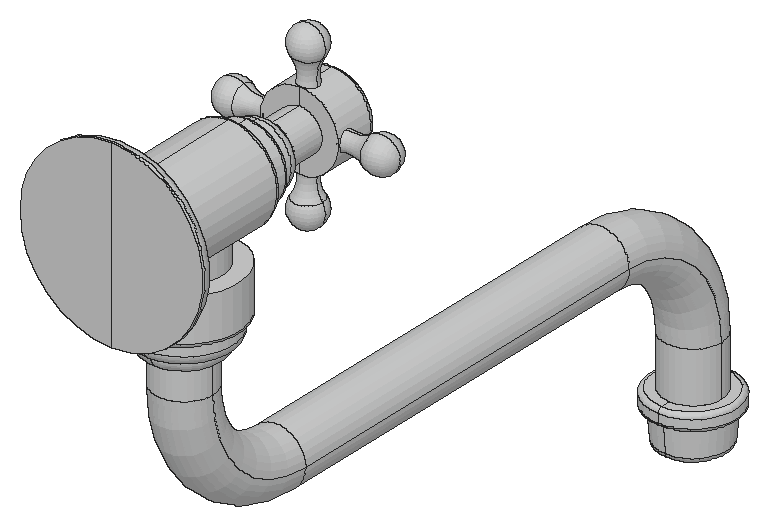
Revit family "795280001_Griferia Marruecos a Pared Pico S", category Plumbing Fixtures, host Wall, Revit 2020
Family settings
  Host = Wall
  Round Connector Dimension = Use Diameter
  Part Type = Normal
  OmniClass Number = 23.31.11.00
  OmniClass Title = Faucets
  Always vertical = Yes
  Cut with Voids When Loaded = No
  Shared = No
  Room Calculation Point = No
Parameters (values of type "Type 1")
  Vida útil = " 50.000 ciclos."  # constant formula
  Uso = "Doméstico"  # constant formula
  Temperaturas mínima de trabajo = "5 ºC / 41 ºF."  # constant formula
  Temperaturas máxima de trabajo = "71 ºC / 159,8 ºF."  # constant formula
  Referencia = "795280001"  # constant formula
  Recubrimientos = "Resistente a la corrosión, pelado y decoloración por agua. Recubrimientos no tóxicos"  # constant formula
  Profundidad = 250 mm
  Presión mínima recomendada = "20 psi."  # constant formula
  Presión máxima recomendada = "125 psi."  # constant formula
  Peso Neto aprox = "480gr. / 1,06Lb."  # constant formula
  Peso Bruto aprox = "540gr. / 1,19Lb."  # constant formula
  Model = "Griferia Lavaplatos de Pared en S Marruecos"  # constant formula
  Material = Corona_Plastico_Cromado
  Manufacturer = "Corona - Grival"  # constant formula
  Garantía = "30 Años"  # constant formula
  Fecha de creación = "5/11/2021"  # constant formula
  Description = "El lavaplatos de paraed en S Marruecos ha sido diseñada para trabajar en perfecta\r\narmonía con el espacio; inspirada en las necesidades del consumidor latinoamericano\r\ndando como resultado un producto robusto y funcional. Su pico giratorio le permite al\r\nusuario tomar ventaja del área del lavaplatos. Ideal para instalaciones donde no se\r\nnecesita mezclar agua fría y caliente y donde la grifería vaya empotrada a la pared.\r\nIncorpora un sistema aireador que genera un chorro de agua espumoso,\r\nagradable al tacto. Grifería de lavaplatos con ahorro de agua. Acabado superior, mayor espesor en el cromado que lo hace más brillante y resistente a la corrosión. Pico oscilante que permite mayor alcance y mas comodidad dando confort en el uso. Fácil limpieza: Diseño que evita la acumulación de impurezas."  # constant formula
  Default Elevation = 0 mm
  Cuidado Y Limpieza = "Los acabados superﬁciales son aquellos que le imprimen una apariencia\r\nespecial y estética a su producto y además le brindan protección. Para\r\nprolongar sus cualidades es vital que la limpieza profunda del producto se\r\nhaga únicamente con agua y jabón suave y que en el secado y el brillo se\r\nutilice un paño de algodón limpio; dicha limpieza se recomienda 2 veces a\r\nla semana y en zonas costeras a diario por la salinidad del ambiente. Por\r\nningún motivo deben usarse elementos abrasivos, ácidos o disolventes\r\npara la limpieza del producto. Los acabados pueden variar su\r\ncomportamiento en zonas costeras y/o en ambientes corrosivos"  # constant formula
  Creado por = "BIMBAU"  # constant formula
  Ciclo de vida de la unidad de cierre = "250.000 ciclos."  # constant formula
  Capacidad de flujo máximo por norma = "9,5 L/min."  # constant formula
  Ancho = 63 mm
  Alto = 202 mm
Reference planes
  plane 1: y = 0
  plane 2 "Center (Left/Right)": x = 125
  plane 3 "Back": y = 50
  plane 4: x = 156.5
  plane 5: x = 93.5
  plane 6: y = 300
  plane 7: z = 202
Forms (mm)
  Extrusion 1, solid, material "Corona_Plastico_Cromado" <- "Material", detail levels coarse
    sketch origin (0, 0, 0) x (1, 0, 0) y (0, 1, 0)
      loop
        line (93.469, 300) -> (93.469, 50) -> (156.5, 50) -> (156.5, 300) -> (93.469, 300)
    from 0 to 202
Text (mm)
  text "Placement side" at (-1787.139, 592.35, 0), in view "Ref. Level"
  text "Placement side" at (0, 1827.695, 2917.686), in view "Left"
  text "Placement side" at (0, 562.268, 3853.606), in view "Right"
Dimensions and locks
  locked: plane 3 "Back" to host wall
  "Alto": level to plane 7
  equal spacing: plane 5, plane 2 "Center (Left/Right)", plane 4
  "Ancho": plane 5 to plane 4
  "Profundidad": plane 6 to plane 3 "Back"
  aligned and locked: plane 1 to host wall
  aligned and locked: plane 3 "Back" to nested 1
  aligned and locked: nested 1 to plane 2 "Center (Left/Right)"
  aligned and locked: plane 7 to nested 1
  aligned and locked: plane 2 "Center (Left/Right)" to nested 2
  aligned and locked: nested 2 to level
  aligned and locked: plane 2 "Center (Left/Right)" to nested 3
  aligned and locked: plane 3 "Back" to nested 3
  aligned and locked: nested 4 to plane 3 "Back"
  aligned and locked: level to nested 4
  aligned and locked: Extrusion 1 sketch curve to nested 1
  aligned and locked: Extrusion 1 sketch curve to plane 3 "Back"
  aligned and locked: plane 4 to Extrusion 1 sketch curve
  aligned and locked: plane 7 to Extrusion 1
Automatic sketch dimensions
  plane 5 to Extrusion 1 sketch curve = 0.031 mm
Nested families
  nested 1: "Griferia Lavaplatos de Pared en S Marruecos" at (125, 175, 0) x (-1, 0, 0) z (0, 0, 1), type "Griferia Lavaplatos de Pared en S Marruecos", detail levels medium+fine
  nested 2: "Frontal" at (125, 50, 0) x (1, 0, 0) z (0, -1, 0), type "Frontal"
  nested 3: "Planta" at (125, 50, 0), type "Planta"
  nested 4: "Lateral" at (125, 50, 0) x (0, -1, 0) z (1, 0, 0), type "Lateral"
Connectors
  piping at (125, 50, 170.5), diameter 25.4
    settings: on nested 1, index 1, connector inside diameter 609.6 mm, connector length 0 mm, flow factor 0, pipe flow 0.0 L/s, pressure drop 0.0 Pa, fitting loss kfactor 0, connector angle 0.00°, fixture units 0, engagement length 0 mm, angle of deflection 0.00°, flow configuration 0, flow direction 1, fitting loss method 0, system type 7, joint type 0, gender type 0, connector reference index -1, connector utility 0, adjustable connector no, is connector primary yes, connector description ""
Definition of nested family "Griferia Lavaplatos de Pared en S Marruecos"
  Parameters (values of type "Family1")
    Profundidad = 250 mm
    Material = none
    Fecha de creación = "5/11/2021"  # constant formula
    Default Elevation = 0 mm
    Creado por = "BIMBAU"  # constant formula
    Ancho = 63 mm
    Alto = 202 mm
  Reference planes
    plane 1 "Center (Front/Back)": y = 0
    plane 2: z = 0
    plane 3 "Center (Left/Right)": x = 0
    plane 4: x = -31.5
    plane 5: x = 31.5
    plane 6: y = -125
    plane 7: y = 125
    plane 8: z = 202
  Forms (mm)
    Revolve 1, solid, material <- "Material"
      sketch origin (0, 0, 0) x (0, 1, 0) y (0, 0, 1)
        loop
          line (125, 202) -> (124, 202)
          arc (124, 202) -> (121.172, 200.828) -> (120, 198) r 4
          line (120, 198) -> (120, 190)
          arc (120, 190) -> (119.121, 187.879) -> (117, 187) r 3
          line (117, 187) -> (74.587, 187)
          arc (74.587, 187) -> (73.88, 186.707) -> (73.587, 186) r 1
          line (73.587, 186) -> (73.587, 184) -> (67.092, 184)
          arc (67.092, 184) -> (66.385, 183.707) -> (66.092, 183) r 1
          line (66.092, 183) -> (66.092, 182) -> (62.139, 182)
          arc (62.139, 182) -> (59.277, 180.814) -> (58.092, 177.952) r 4.048
          line (58.092, 177.952) -> (58.092, 177) -> (56.116, 177) -> (56.116, 178) -> (44.165, 178) -> (44.165, 184) -> (30.362, 184)
          arc (30.362, 184) -> (29.414, 183.643) -> (28.937, 182.749) r 1.437
          arc (28.937, 182.749) -> (28.814, 181.763) -> (28.7, 180.777) r 94.488
          line (28.7, 180.777) -> (27.868, 180.777)
          arc (27.868, 180.777) -> (27.442, 175.646) -> (27.3, 170.5) r 93.142
          line (27.3, 170.5) -> (125, 170.5) -> (125, 202)
        axis (27.3, 170.5) -> (125, 170.5)
      angle from 0 to 360
    Revolve 2, solid, material <- "Material"
      sketch origin (0, 0, 0) x (0, 1, 0) y (0, 0, 1)
        loop
          line (94.122, 166.45) -> (94.122, 126.96) -> (104.122, 126.96) -> (104.122, 124.43)
          arc (104.122, 124.43) -> (107.061, 125.707) -> (108.133, 128.727) r 4.02
          arc (108.133, 128.727) -> (110.244, 129.818) -> (111.091, 132.038) r 3.332
          line (111.091, 132.038) -> (111.091, 136.02) -> (112.122, 136.02)
          arc (112.122, 136.02) -> (112.829, 136.313) -> (113.122, 137.02) r 1
          line (113.122, 137.02) -> (113.122, 152.02) -> (107.122, 152.02) -> (107.122, 166.45) -> (94.122, 166.45)
        axis (94.122, 124.43) -> (94.122, 166.45)
      angle from 0 to 360
    Sweep 3, solid, material <- "Material"
      path origin (0, 0, 0) x (0, 1, 0) y (0, 0, 1)
        loop
          line (94.122, 126.96) -> (94.122, 114.373)
          arc (94.122, 114.373) -> (82.407, 86.089) -> (54.122, 74.373) r 40
          line (54.122, 74.373) -> (-85, 74.373)
          arc (-85, 74.373) -> (-113.284, 62.658) -> (-125, 34.373) r 40
          line (-125, 34.373) -> (-125, 16.921)
      profile origin (0, 94.122, 120.667) x (1, 0, 0) y (0, 1, 0)
        loop
          circle (0, 0) r 10
    Revolve 4, solid, material <- "Material"
      sketch origin (0, 0, 0) x (0, 1, 0) y (0, 0, 1)
        loop
          line (-115, 16.921) -> (-115, 0)
          arc (-115, 0) -> (-113.818, 0.448) -> (-113.269, 1.587) r 1.704
          line (-113.269, 1.587) -> (-112.638, 10.76)
          arc (-112.638, 10.76) -> (-112.371, 11.322) -> (-111.792, 11.55) r 0.848
          line (-111.792, 11.55) -> (-110.948, 11.55)
          arc (-110.948, 11.55) -> (-110.348, 11.798) -> (-110.1, 12.397) r 0.848
          line (-110.1, 12.397) -> (-110.1, 15.39)
          arc (-110.1, 15.39) -> (-110.548, 16.472) -> (-111.63, 16.921) r 1.53
          line (-111.63, 16.921) -> (-115, 16.921)
        axis (-125, 16.921) -> (-125, 0)
      angle from 0 to 360
    Revolve 5, solid, material <- "Material"
      sketch origin (0, 40.586, 0) x (1, 0, 0) y (0, 0, 1)
        loop
          line (0, 183.29) -> (3.489, 183.29)
          arc (3.489, 183.29) -> (3.221, 188.103) -> (5, 192.583) r 11.209
          arc (5, 192.583) -> (5.331, 198.794) -> (0, 202) r 6.036
          line (0, 202) -> (0, 183.29)
        axis (0, 202) -> (0, 183.29)
      angle from 0 to 360
    Revolve 6, solid, material <- "Material"
      sketch origin (-170.469, 40.586, 170.469) x (0, 0, -1) y (1, 0, 0)
        loop
          line (0, 183.29) -> (3.489, 183.29)
          arc (3.489, 183.29) -> (3.221, 188.103) -> (5, 192.583) r 11.209
          arc (5, 192.583) -> (5.331, 198.794) -> (0, 202) r 6.036
          line (0, 202) -> (0, 183.29)
        axis (0, 202) -> (0, 183.29)
      angle from 0 to 360
    Revolve 7, solid, material <- "Material"
      sketch origin (170.469, 40.586, 170.469) x (0, 0, 1) y (-1, 0, 0)
        loop
          line (0, 183.29) -> (3.489, 183.29)
          arc (3.489, 183.29) -> (3.221, 188.103) -> (5, 192.583) r 11.209
          arc (5, 192.583) -> (5.331, 198.794) -> (0, 202) r 6.036
          line (0, 202) -> (0, 183.29)
        axis (0, 202) -> (0, 183.29)
      angle from 0 to 360
    Revolve 8, solid, material <- "Material"
      sketch origin (0, 40.586, 340.939) x (-1, 0, 0) y (0, 0, -1)
        loop
          line (0, 183.29) -> (3.489, 183.29)
          arc (3.489, 183.29) -> (3.221, 188.103) -> (5, 192.583) r 11.209
          arc (5, 192.583) -> (5.331, 198.794) -> (0, 202) r 6.036
          line (0, 202) -> (0, 183.29)
        axis (0, 202) -> (0, 183.29)
      angle from 0 to 360
  Cuts and joins
    joined: Revolve 1, Revolve 5
  Dimensions and locks
    equal spacing: plane 7, plane 1 "Center (Front/Back)", plane 6
    "Profundidad": plane 7 to plane 6
    equal spacing: plane 4, plane 3 "Center (Left/Right)", plane 5
    "Ancho": plane 4 to plane 5
    "Alto": plane 8 to level
    aligned and locked: level to plane 2
  Automatic sketch dimensions
    Revolve 2 sketch curve to plane 7 = 30.878 mm
    Revolve 2 sketch curve to Revolve 2 sketch curve = 10 mm
    Revolve 2 sketch curve to Revolve 2 sketch curve = 13 mm
    Revolve 2 sketch curve to Revolve 2 sketch curve = 3.637 mm
    Revolve 2 sketch curve to Revolve 2 sketch curve = 3.332 mm
    Revolve 2 sketch curve to Revolve 2 sketch curve = 1.031 mm
    Revolve 2 sketch curve to Revolve 2 sketch curve = 6 mm
    Revolve 2 sketch curve to plane 8 = 77.57 mm
    Revolve 2 sketch curve to Revolve 2 sketch curve = 2.53 mm
    Revolve 2 sketch curve to Revolve 2 sketch curve = 1.49 mm
    Revolve 2 sketch curve to Revolve 2 sketch curve = 3.588 mm
    Revolve 2 sketch curve to Revolve 2 sketch curve = 3.981 mm
    Revolve 2 sketch curve to Revolve 2 sketch curve = 15 mm
    Revolve 2 sketch curve to Revolve 2 sketch curve = 14.431 mm
    Revolve 2 sketch curve to Revolve 2 sketch curve = 0 mm
    Revolve 2 sketch curve to Revolve 2 sketch curve = 0.349 mm
    Revolve 2 sketch curve to Revolve 2 sketch curve = 3.874 mm
    Sweep 3 sketch curve to plane 6 = 0 mm
    plane 6 to Sweep 3 sketch curve = 40 mm
    Sweep 3 sketch curve to plane 1 "Center (Front/Back)" = 54.122 mm
    Sweep 3 sketch curve to plane 7 = 30.878 mm
    level to Sweep 3 sketch curve = 34.373 mm
    level to Sweep 3 sketch curve = 16.921 mm
    Sweep 3 sketch curve to Sweep 3 sketch curve = 12.587 mm
    Sweep 3 sketch curve to plane 3 "Center (Left/Right)" = 0 mm
    profile plane to Sweep 3 sketch curve = 0 mm
    Revolve 5 sketch curve to Revolve 5 sketch curve = 0 mm  (x2)
    Revolve 5 sketch curve to Revolve 5 sketch curve = 0.71 mm
    Revolve 5 sketch curve to Revolve 5 sketch curve = 1.29 mm
    Revolve 5 sketch curve to Revolve 5 sketch curve = 3.489 mm
    Revolve 5 sketch curve to Revolve 5 sketch curve = 10.796 mm
    Revolve 5 sketch curve to Revolve 5 sketch curve = 3.013 mm
    Revolve 5 sketch curve to Revolve 5 sketch curve = 11.964 mm
    Revolve 6 sketch curve to Revolve 6 sketch curve = 0 mm  (x2)
    Revolve 6 sketch curve to Revolve 6 sketch curve = 0.71 mm
    Revolve 6 sketch curve to Revolve 6 sketch curve = 1.29 mm
    Revolve 6 sketch curve to Revolve 6 sketch curve = 3.489 mm
    Revolve 6 sketch curve to Revolve 6 sketch curve = 10.796 mm
    Revolve 6 sketch curve to Revolve 6 sketch curve = 3.013 mm
    Revolve 6 sketch curve to Revolve 6 sketch curve = 11.964 mm
    Revolve 7 sketch curve to Revolve 7 sketch curve = 0 mm  (x2)
    Revolve 7 sketch curve to Revolve 7 sketch curve = 0.71 mm
    Revolve 7 sketch curve to Revolve 7 sketch curve = 1.29 mm
    Revolve 7 sketch curve to Revolve 7 sketch curve = 3.489 mm
    Revolve 7 sketch curve to Revolve 7 sketch curve = 10.796 mm
    Revolve 7 sketch curve to Revolve 7 sketch curve = 3.013 mm
    Revolve 7 sketch curve to Revolve 7 sketch curve = 11.964 mm
    Revolve 8 sketch curve to Revolve 8 sketch curve = 0 mm  (x2)
    Revolve 8 sketch curve to Revolve 8 sketch curve = 0.71 mm
    Revolve 8 sketch curve to Revolve 8 sketch curve = 1.29 mm
    Revolve 8 sketch curve to Revolve 8 sketch curve = 3.489 mm
    Revolve 8 sketch curve to Revolve 8 sketch curve = 10.796 mm
    Revolve 8 sketch curve to Revolve 8 sketch curve = 3.013 mm
    Revolve 8 sketch curve to Revolve 8 sketch curve = 11.964 mm
    Revolve 5 sketch curve to plane 3 "Center (Left/Right)" = 0 mm
    Revolve 5 sketch curve to plane 8 = 0 mm
    plane 5 to Revolve 6 sketch curve = 0.031 mm
    Revolve 6 sketch curve to plane 8 = 31.531 mm
    Revolve 7 sketch curve to plane 4 = 0.031 mm
    Revolve 7 sketch curve to plane 8 = 31.531 mm
    Revolve 8 sketch curve to plane 3 "Center (Left/Right)" = 0 mm
    Revolve 8 sketch curve to plane 8 = 44.351 mm
    Revolve 1 sketch curve to plane 8 = 0 mm
    Revolve 1 sketch curve to plane 7 = 0 mm  (x2)
    Revolve 1 sketch curve to plane 7 = 1 mm
    Revolve 1 sketch curve to plane 7 = 2.372 mm
    Revolve 1 sketch curve to Revolve 1 sketch curve = 2.186 mm
    Revolve 1 sketch curve to plane 7 = 5 mm
    Revolve 1 sketch curve to Revolve 1 sketch curve = 3 mm
    Revolve 1 sketch curve to plane 8 = 15 mm
    Revolve 1 sketch curve to Revolve 1 sketch curve = 42.413 mm
    Revolve 1 sketch curve to Revolve 1 sketch curve = 1 mm  (x4)
    Revolve 1 sketch curve to Revolve 1 sketch curve = 6.495 mm
    Revolve 1 sketch curve to Revolve 1 sketch curve = 3.952 mm
    Revolve 1 sketch curve to Revolve 1 sketch curve = 4.048 mm
    Revolve 1 sketch curve to Revolve 1 sketch curve = 1.976 mm
    Revolve 1 sketch curve to Revolve 1 sketch curve = 11.951 mm
    Revolve 1 sketch curve to Revolve 1 sketch curve = 13.803 mm
    Revolve 1 sketch curve to Revolve 1 sketch curve = 1.662 mm
    Revolve 1 sketch curve to Revolve 1 sketch curve = 0.832 mm
    Revolve 1 sketch curve to Revolve 1 sketch curve = 0.569 mm
    Revolve 1 sketch curve to plane 8 = 18 mm
    Revolve 1 sketch curve to Revolve 1 sketch curve = 2 mm
    Revolve 1 sketch curve to Revolve 1 sketch curve = 1.437 mm
    Revolve 1 sketch curve to Revolve 1 sketch curve = 1.786 mm
    Revolve 1 sketch curve to Revolve 1 sketch curve = 0.048 mm
    Revolve 1 sketch curve to Revolve 1 sketch curve = 0 mm  (x2)
    plane 7 to Revolve 1 sketch curve = 15 mm
    Revolve 4 sketch curve to plane 6 = 0 mm
    Revolve 4 sketch curve to level = 0 mm  (x2)
    plane 6 to Revolve 4 sketch curve = 10 mm
    Revolve 4 sketch curve to Revolve 4 sketch curve = 0.03 mm
    Revolve 4 sketch curve to Revolve 4 sketch curve = 2.362 mm
    Revolve 4 sketch curve to Revolve 4 sketch curve = 0.846 mm
    Revolve 4 sketch curve to Revolve 4 sketch curve = 3.37 mm
    Revolve 4 sketch curve to Revolve 4 sketch curve = 0.844 mm
    Revolve 4 sketch curve to Revolve 4 sketch curve = 0.848 mm
    level to Revolve 4 sketch curve = 1.704 mm
    Revolve 4 sketch curve to Revolve 4 sketch curve = 8.998 mm
    Revolve 4 sketch curve to Revolve 4 sketch curve = 0.058 mm
    Revolve 4 sketch curve to Revolve 4 sketch curve = 2.993 mm
    level to Revolve 4 sketch curve = 1.587 mm
    Revolve 4 sketch curve to level = 4.089 mm
    radius of Sweep 3 sketch curve = 10 mm
Definition of nested family "Frontal"
  Reference planes
    plane 1 "Center (Front/Back)": y = 0
    plane 2: z = 0
    plane 3 "Center (Left/Right)": x = 0
  Lines and regions (mm)
    Masking region 1, in view "Ref. Level"
      outline origin (0, 0, 0) x (1, 0, 0) y (0, 1, 0)
        loop
          line (-10, 16.936) -> (-13.324, 16.936)
          arc (-13.324, 16.936) -> (-14.451, 16.469) -> (-14.918, 15.342) r 1.594
          line (-14.918, 15.342) -> (-14.918, 12.381)
          arc (-14.918, 12.381) -> (-14.679, 11.804) -> (-14.102, 11.565) r 0.816
          line (-14.102, 11.565) -> (-13.219, 11.565)
          arc (-13.219, 11.565) -> (-12.62, 11.329) -> (-12.342, 10.747) r 0.879
          line (-12.342, 10.747) -> (-11.693, 1.466)
          arc (-11.693, 1.466) -> (-11.175, 0.422) -> (-10.088, 0) r 1.612
          line (-10.088, 0) -> (0, 0) -> (10.088, 0)
          arc (10.088, 0) -> (11.175, 0.422) -> (11.693, 1.466) r 1.612
          line (11.693, 1.466) -> (12.342, 10.747)
          arc (12.342, 10.747) -> (12.62, 11.329) -> (13.219, 11.565) r 0.879
          line (13.219, 11.565) -> (14.102, 11.565)
          arc (14.102, 11.565) -> (14.679, 11.804) -> (14.918, 12.381) r 0.816
          line (14.918, 12.381) -> (14.918, 15.342)
          arc (14.918, 15.342) -> (14.451, 16.469) -> (13.324, 16.936) r 1.594
          line (13.324, 16.936) -> (10, 16.936) -> (10, 124.445)
          arc (10, 124.445) -> (12.935, 125.725) -> (14.01, 128.742) r 4.03
          arc (14.01, 128.742) -> (16.102, 129.848) -> (16.939, 132.061) r 3.344
          line (16.939, 132.061) -> (16.939, 136.034) -> (17.903, 136.034)
          arc (17.903, 136.034) -> (18.679, 136.356) -> (19, 137.131) r 1.097
          line (19, 137.131) -> (19, 145.39)
          arc (19, 145.39) -> (29.864, 180.535) -> (0, 202.015) r 31.5
          arc (0, 202.015) -> (-29.864, 180.535) -> (-19, 145.39) r 31.5
          line (-19, 145.39) -> (-19, 137.131)
          arc (-19, 137.131) -> (-18.679, 136.356) -> (-17.903, 136.034) r 1.097
          line (-17.903, 136.034) -> (-16.939, 136.034) -> (-16.939, 132.061)
          arc (-16.939, 132.061) -> (-16.102, 129.848) -> (-14.01, 128.742) r 3.344
          arc (-14.01, 128.742) -> (-12.935, 125.725) -> (-10, 124.445) r 4.03
          line (-10, 124.445) -> (-10, 16.936)
    detail lines, in view "Ref. Level"
      curve 1: line (-13, 152.034, 0) -> (-19, 152.034, 0)
      curve 2: arc (0, 180.791, 0) -> (-10.277, 170.515, 0) -> (0, 160.238, 0) r 10.277
      curve 3: arc (0, 184.015, 0) -> (-13.492, 170.986, 0) -> (-0.942, 157.048, 0) r 13.5
      curve 4: line (-13, 152.034, 0) -> (-13, 160.373, 0)
      curve 5: arc (-10, 74.436, 0) -> (-7.071, 81.507, 0) -> (0, 84.436, 0) r 10
      curve 6: arc (-5.758, 194.012, 0) -> (0.411, 202.022, 0) -> (5.263, 193.152, 0) r 6.037
      curve 7: arc (5.263, 193.152, 0) -> (3.614, 188.503, 0) -> (3.421, 183.574, 0) r 16.401
      curve 8: arc (-5.758, 194.012, 0) -> (-3.715, 188.989, 0) -> (-3.421, 183.574, 0) r 16.401
      curve 9: arc (-23.416, 164.617, 0) -> (-31.511, 170.674, 0) -> (-22.71, 175.649, 0) r 6.037
      curve 10: arc (-22.71, 175.649, 0) -> (-18.013, 174.061, 0) -> (-13.056, 173.949, 0) r 16.401
      curve 11: arc (-23.416, 164.617, 0) -> (-18.446, 166.725, 0) -> (-13.062, 167.105, 0) r 16.401
      curve 12: line (-19, 152.034, 0) -> (-19, 145.39, 0)
      curve 13: arc (-16.153, 173.842, 0) -> (-11.673, 182.149, 0) -> (-3.364, 186.629, 0) r 16.457
      curve 14: line (13, 152.034, 0) -> (19, 152.034, 0)
      curve 15: arc (0, 180.791, 0) -> (10.277, 170.515, 0) -> (0, 160.238, 0) r 10.277
      curve 16: arc (0, 184.015, 0) -> (13.493, 170.937, 0) -> (0.844, 157.041, 0) r 13.5
      curve 17: line (13, 152.034, 0) -> (13, 160.373, 0)
      curve 18: arc (10, 74.436, 0) -> (7.071, 81.507, 0) -> (0, 84.436, 0) r 10
      curve 19: arc (23.416, 164.617, 0) -> (31.511, 170.674, 0) -> (22.71, 175.649, 0) r 6.037
      curve 20: arc (22.71, 175.649, 0) -> (18.013, 174.061, 0) -> (13.056, 173.949, 0) r 16.401
      curve 21: arc (23.416, 164.617, 0) -> (18.446, 166.725, 0) -> (13.062, 167.105, 0) r 16.401
      curve 22: line (19, 152.034, 0) -> (19, 145.39, 0)
      curve 23: arc (16.153, 173.842, 0) -> (11.673, 182.149, 0) -> (3.364, 186.629, 0) r 16.457
      curve 24: line (-13, 152.034, 0) -> (-3.716, 152.034, 0)
      curve 25: line (16.939, 136.034, 0) -> (-16.939, 136.034, 0)
      curve 26: line (-14.01, 128.742, 0) -> (14.01, 128.742, 0)
      curve 27: line (10, 124.445, 0) -> (-10, 124.445, 0)
      curve 28: line (-10, 16.936, 0) -> (10, 16.936, 0)
      curve 29: arc (-5.758, 147.018, 0) -> (0.411, 139.008, 0) -> (5.263, 147.878, 0) r 6.037
      curve 30: arc (5.263, 147.878, 0) -> (3.614, 152.527, 0) -> (3.421, 157.456, 0) r 16.401
      curve 31: arc (-5.758, 147.018, 0) -> (-3.715, 152.041, 0) -> (-3.421, 157.456, 0) r 16.401
      curve 32: line (3.716, 152.034, 0) -> (13, 152.034, 0)
      curve 33: arc (-3.365, 154.394, 0) -> (-11.646, 158.847, 0) -> (-16.138, 167.108, 0) r 16.457
      curve 34: arc (-0.942, 157.048, 0) -> (-0.471, 157.023, 0) -> (0, 157.015, 0) r 13.5
      curve 35: arc (0.844, 157.041, 0) -> (0.422, 157.021, 0) -> (0, 157.015, 0) r 13.5
      curve 36: arc (3.365, 154.394, 0) -> (11.646, 158.847, 0) -> (16.138, 167.108, 0) r 16.457
Definition of nested family "Planta"
  Reference planes
    plane 1 "Center (Front/Back)": y = 0
    plane 2: z = 0
    plane 3 "Center (Left/Right)": x = 0
  Lines and regions (mm)
    Masking region 1, in view "Ref. Level"
      outline origin (0, 0, 0) x (1, 0, 0) y (0, 1, 0)
        loop
          line (0, 0) -> (31.5, 0) -> (31.5, 1.006)
          arc (31.5, 1.006) -> (30.33, 3.83) -> (27.506, 5) r 3.994
          line (27.506, 5) -> (19.5, 5)
          arc (19.5, 5) -> (17.379, 5.879) -> (16.5, 8) r 3
          line (16.5, 8) -> (16.5, 21.457)
          arc (16.5, 21.457) -> (19, 30.878) -> (16.5, 40.298) r 19
          line (16.5, 40.298) -> (16.5, 50.449)
          arc (16.5, 50.449) -> (16.221, 51.123) -> (15.547, 51.402) r 0.953
          line (15.547, 51.402) -> (13.524, 51.402) -> (13.524, 57.717)
          arc (13.524, 57.717) -> (13.168, 58.577) -> (12.309, 58.933) r 1.215
          line (12.309, 58.933) -> (11.485, 58.933) -> (11.485, 62.844)
          arc (11.485, 62.844) -> (10.29, 65.729) -> (7.405, 66.924) r 4.08
          line (7.405, 66.924) -> (6.485, 66.924) -> (6.485, 68.884) -> (7.5, 68.884) -> (7.5, 80.835) -> (13.5, 80.835)
          arc (13.5, 80.835) -> (17.6, 81.462) -> (21.365, 79.722) r 7.197
          arc (21.365, 79.722) -> (31.512, 84.287) -> (21.365, 88.852) r 6.1
          arc (21.365, 88.852) -> (17.539, 87.545) -> (13.5, 87.747) r 10.727
          line (13.5, 87.747) -> (13.5, 94.396)
          arc (13.5, 94.396) -> (12.943, 95.742) -> (11.597, 96.299) r 1.903
          line (11.597, 96.299) -> (9.964, 96.299) -> (9.997, 239.135)
          arc (9.997, 239.135) -> (13.817, 255.439) -> (0, 264.9) r 14.823
          arc (0, 264.9) -> (-13.817, 255.439) -> (-9.997, 239.135) r 14.823
          line (-9.997, 239.135) -> (-9.964, 96.299) -> (-11.597, 96.299)
          arc (-11.597, 96.299) -> (-12.943, 95.742) -> (-13.5, 94.396) r 1.903
          line (-13.5, 94.396) -> (-13.5, 87.747)
          arc (-13.5, 87.747) -> (-17.539, 87.545) -> (-21.365, 88.852) r 10.727
          arc (-21.365, 88.852) -> (-31.512, 84.287) -> (-21.365, 79.722) r 6.1
          arc (-21.365, 79.722) -> (-17.6, 81.462) -> (-13.5, 80.835) r 7.197
          line (-13.5, 80.835) -> (-7.5, 80.835) -> (-7.5, 68.884) -> (-6.485, 68.884) -> (-6.485, 66.924) -> (-7.405, 66.924)
          arc (-7.405, 66.924) -> (-10.29, 65.729) -> (-11.485, 62.844) r 4.08
          line (-11.485, 62.844) -> (-11.485, 58.933) -> (-12.309, 58.933)
          arc (-12.309, 58.933) -> (-13.168, 58.577) -> (-13.524, 57.717) r 1.215
          line (-13.524, 57.717) -> (-13.524, 51.402) -> (-15.547, 51.402)
          arc (-15.547, 51.402) -> (-16.221, 51.123) -> (-16.5, 50.449) r 0.953
          line (-16.5, 50.449) -> (-16.5, 40.298)
          arc (-16.5, 40.298) -> (-19, 30.878) -> (-16.5, 21.457) r 19
          line (-16.5, 21.457) -> (-16.5, 8)
          arc (-16.5, 8) -> (-17.379, 5.879) -> (-19.5, 5) r 3
          line (-19.5, 5) -> (-27.506, 5)
          arc (-27.506, 5) -> (-30.33, 3.83) -> (-31.5, 1.006) r 3.994
          line (-31.5, 1.006) -> (-31.5, 0) -> (0, 0)
    detail lines, in view "Ref. Level"
      curve 1: line (-16.5, 8, 0) -> (-16.5, 50.449, 0)
      curve 2: arc (-9.997, 249.775, 0) -> (-7.15, 256.991, 0) -> (0, 260, 0) r 10
      curve 3: circle (0, 84.442, 0) r 6 normal (0, 0, 1)
      curve 4: line (-9.997, 239.135, 0) -> (-9.997, 249.775, 0)
      curve 5: line (-9.964, 96.299, 0) -> (9.964, 96.299, 0)
      curve 6: line (-13.5, 87.747, 0) -> (-13.5, 80.835, 0)
      curve 7: line (-7.5, 80.835, 0) -> (-4.794, 80.835, 0)
      curve 8: line (7.5, 80.835, 0) -> (4.794, 80.835, 0)
      curve 9: line (13.5, 80.835, 0) -> (13.5, 87.747, 0)
      curve 10: line (6.485, 68.884, 0) -> (-6.485, 68.884, 0)
      curve 11: line (-6.485, 66.924, 0) -> (6.485, 66.924, 0)
      curve 12: line (11.485, 58.933, 0) -> (-11.485, 58.933, 0)
      curve 13: line (-13.524, 51.402, 0) -> (13.524, 51.402, 0)
      curve 14: line (16.5, 40.298, 0) -> (16.5, 21.457, 0)
      curve 15: arc (9.997, 249.775, 0) -> (7.15, 256.991, 0) -> (0, 260, 0) r 10
      curve 16: line (9.997, 239.135, 0) -> (9.997, 249.775, 0)
Definition of nested family "Lateral"
  Reference planes
    plane 1 "Center (Front/Back)": y = 0
    plane 2: z = 0
    plane 3 "Center (Left/Right)": x = 0
  Lines and regions (mm)
    Masking region 1, in view "Ref. Level"
      outline origin (0, 0, 0) x (1, 0, 0) y (0, 1, 0)
        loop
          line (0, 202) -> (-1.201, 202)
          arc (-1.201, 202) -> (-3.887, 200.887) -> (-5, 198.201) r 3.799
          line (-5, 198.201) -> (-5, 189.961)
          arc (-5, 189.961) -> (-5.867, 187.867) -> (-7.961, 187) r 2.961
          line (-7.961, 187) -> (-50.338, 187)
          arc (-50.338, 187) -> (-51.069, 186.697) -> (-51.371, 185.967) r 1.033
          line (-51.371, 185.967) -> (-51.371, 183.965) -> (-57.953, 183.965)
          arc (-57.953, 183.965) -> (-58.645, 183.678) -> (-58.931, 182.987) r 0.979
          line (-58.931, 182.987) -> (-58.931, 181.996) -> (-62.992, 181.996)
          arc (-62.992, 181.996) -> (-65.761, 180.848) -> (-66.908, 178.079) r 3.917
          line (-66.908, 178.079) -> (-66.908, 177) -> (-68.884, 177) -> (-68.884, 178) -> (-80.835, 178) -> (-80.835, 184)
          arc (-80.835, 184) -> (-81.006, 188.039) -> (-79.863, 191.917) r 12.34
          arc (-79.863, 191.917) -> (-84.408, 202.035) -> (-88.952, 191.917) r 6.08
          arc (-88.952, 191.917) -> (-87.646, 188.066) -> (-87.723, 184) r 11.813
          line (-87.723, 184) -> (-94.481, 184)
          arc (-94.481, 184) -> (-95.737, 183.48) -> (-96.257, 182.224) r 1.776
          line (-96.257, 182.224) -> (-96.257, 180.689) -> (-97.132, 180.689)
          arc (-97.132, 180.689) -> (-97.663, 170.456) -> (-97.132, 160.223) r 98.692
          line (-97.132, 160.223) -> (-96.257, 160.223) -> (-96.257, 158.688)
          arc (-96.257, 158.688) -> (-95.737, 157.432) -> (-94.481, 156.912) r 1.776
          line (-94.481, 156.912) -> (-87.723, 156.912)
          arc (-87.723, 156.912) -> (-87.646, 152.846) -> (-88.952, 148.995) r 11.813
          arc (-88.952, 148.995) -> (-84.408, 138.877) -> (-79.863, 148.995) r 6.08
          arc (-79.863, 148.995) -> (-81.006, 152.873) -> (-80.835, 156.912) r 12.34
          line (-80.835, 156.912) -> (-80.835, 162.912) -> (-68.884, 162.912) -> (-68.884, 163.912) -> (-66.908, 163.912) -> (-66.908, 162.833)
          arc (-66.908, 162.833) -> (-65.761, 160.064) -> (-62.992, 158.917) r 3.917
          line (-62.992, 158.917) -> (-58.931, 158.917) -> (-58.931, 157.926)
          arc (-58.931, 157.926) -> (-58.645, 157.234) -> (-57.953, 156.947) r 0.979
          line (-57.953, 156.947) -> (-51.371, 156.947) -> (-51.371, 154.946)
          arc (-51.371, 154.946) -> (-51.069, 154.215) -> (-50.338, 153.912) r 1.033
          line (-50.338, 153.912) -> (-44.064, 153.912) -> (-44.064, 152.02) -> (-49.878, 152.02) -> (-49.878, 137.019)
          arc (-49.878, 137.019) -> (-49.586, 136.315) -> (-48.881, 136.023) r 0.997
          line (-48.881, 136.023) -> (-47.796, 136.023) -> (-47.796, 131.708)
          arc (-47.796, 131.708) -> (-46.919, 129.59) -> (-44.801, 128.713) r 2.995
          arc (-44.801, 128.713) -> (-43.868, 125.63) -> (-40.878, 124.43) r 3.721
          line (-40.878, 124.43) -> (-40.878, 114.43)
          arc (-40.878, 114.43) -> (-49.664, 93.217) -> (-70.878, 84.43) r 30
          line (-70.878, 84.43) -> (-209.992, 84.43)
          arc (-209.992, 84.43) -> (-245.348, 69.786) -> (-259.992, 34.43) r 50
          line (-259.992, 34.43) -> (-259.992, 16.936) -> (-263.526, 16.936)
          arc (-263.526, 16.936) -> (-264.519, 16.525) -> (-264.93, 15.532) r 1.404
          line (-264.93, 15.532) -> (-264.93, 12.284)
          arc (-264.93, 12.284) -> (-264.71, 11.753) -> (-264.179, 11.533) r 0.751
          line (-264.179, 11.533) -> (-263.198, 11.533)
          arc (-263.198, 11.533) -> (-262.589, 11.29) -> (-262.314, 10.695) r 0.885
          line (-262.314, 10.695) -> (-261.852, 1.873)
          arc (-261.852, 1.873) -> (-261.194, 0.539) -> (-259.807, 0) r 2.052
          line (-259.807, 0) -> (-250, 0) -> (-240.193, 0)
          arc (-240.193, 0) -> (-238.806, 0.539) -> (-238.148, 1.873) r 2.052
          line (-238.148, 1.873) -> (-237.686, 10.695)
          arc (-237.686, 10.695) -> (-237.411, 11.29) -> (-236.802, 11.533) r 0.885
          line (-236.802, 11.533) -> (-235.821, 11.533)
          arc (-235.821, 11.533) -> (-235.29, 11.753) -> (-235.07, 12.284) r 0.751
          line (-235.07, 12.284) -> (-235.07, 15.532)
          arc (-235.07, 15.532) -> (-235.481, 16.525) -> (-236.474, 16.936) r 1.404
          line (-236.474, 16.936) -> (-239.992, 16.936) -> (-239.992, 34.43)
          arc (-239.992, 34.43) -> (-231.205, 55.644) -> (-209.992, 64.43) r 30
          line (-209.992, 64.43) -> (-70.878, 64.43)
          arc (-70.878, 64.43) -> (-35.522, 79.075) -> (-20.878, 114.43) r 50
          line (-20.878, 114.43) -> (-20.878, 124.43)
          arc (-20.878, 124.43) -> (-17.887, 125.63) -> (-16.954, 128.713) r 3.721
          arc (-16.954, 128.713) -> (-14.836, 129.59) -> (-13.959, 131.708) r 2.995
          line (-13.959, 131.708) -> (-13.959, 136.023) -> (-12.874, 136.023)
          arc (-12.874, 136.023) -> (-12.17, 136.315) -> (-11.878, 137.019) r 0.997
          line (-11.878, 137.019) -> (-11.878, 152.02) -> (-17.691, 152.02) -> (-17.691, 153.912) -> (-7.961, 153.912)
          arc (-7.961, 153.912) -> (-5.867, 153.045) -> (-5, 150.952) r 2.961
          line (-5, 150.952) -> (-5, 142.712)
          arc (-5, 142.712) -> (-3.887, 140.025) -> (-1.201, 138.912) r 3.799
          line (-1.201, 138.912) -> (0, 138.912) -> (0, 202)
    detail lines, in view "Ref. Level"
      curve 1: circle (-84.324, 170.374, 0) r 5.949 normal (0, 0, -1)
      curve 2: line (-96.257, 160.223, 0) -> (-96.257, 180.689, 0)
      curve 3: line (-87.723, 184, 0) -> (-80.835, 184, 0)
      curve 4: line (-87.723, 156.912, 0) -> (-80.835, 156.912, 0)
      curve 5: line (-80.835, 162.912, 0) -> (-80.835, 165.556, 0)
      curve 6: line (-80.835, 175.192, 0) -> (-80.835, 178, 0)
      curve 7: line (-68.884, 177, 0) -> (-68.884, 163.912, 0)
      curve 8: line (-66.908, 163.912, 0) -> (-66.908, 177, 0)
      curve 9: line (-58.931, 181.996, 0) -> (-58.931, 158.917, 0)
      curve 10: line (-51.371, 156.947, 0) -> (-51.371, 183.965, 0)
      curve 11: line (-17.691, 153.912, 0) -> (-44.064, 153.912, 0)
      curve 12: line (-17.691, 152.02, 0) -> (-49.878, 152.02, 0)
      curve 13: line (-47.796, 136.023, 0) -> (-13.959, 136.023, 0)
      curve 14: line (-44.801, 128.713, 0) -> (-16.954, 128.713, 0)
      curve 15: line (-20.878, 124.43, 0) -> (-40.878, 124.43, 0)
      curve 16: line (-259.992, 16.936, 0) -> (-239.992, 16.936, 0)
